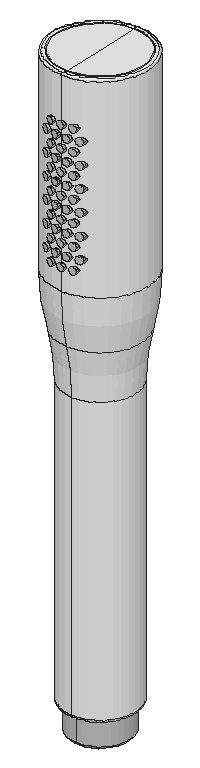
Revit family "Hand_Shower-GROHE-Euphoria_Cosmopolitan-26466_Series", category Plumbing Fixtures, Revit 2019
Family settings
  Round Connector Dimension = Use Diameter
  Part Type = Normal
  OmniClass Number = 23.45.05.14.17
  OmniClass Title = Showers
  Work Plane-Based = Yes
  Always vertical = No
  Cut with Voids When Loaded = No
  Shared = Yes
  Room Calculation Point = No
Parameters (values of type "26466000")
  Waste Connection = no
  WFU = 4
  Vent Connection = no
  URL = "https://www.grohe.us/"
  Tempered Water Connection = yes
  Tempered Connection Radius = Tempered Connection Diameter / 2  # 1/4"
  Tempered Connection Diameter = 1/2"
  Revised Date = "08/04/2022"  # constant formula
  Product Page URL = "https://www.grohe.us/Hand-Showers-Accessories/Stick-Hand-Shower-1-Spray-175-gpm/GROHE-CHROME-26466000"
  Product Documentation Link = "https://americanstandard.box.com/shared/static/0w62cbgg485gegojim3o8dvrqbgkf2lk.pdf"
  Price = "Prices may vary. Please consult Manufacturer Representative for most up-to-date price list."  # constant formula
  Orifice Material = Rubber-Grohe-Grey
  Model = "26466000"
  Material = "Metal-Grohe-000-Chrome"
  Manufacturer = "Grohe"
  IAPMO Compliance = "WaterSense /CEC Certified /CALGreen Compliant/ Massachusetts Plumbing Board Approved/ Energy Policy Act of 1992 /CSA B125.1 /ASME A112.18.1"
  Height = 8 1/2"  # constant formula
  HWFU = 3
  HW Connection = no
  Flow Rate = "1.75 gpm (6.6 l/min)"
  Finish = Metal-Grohe-000-Chrome
  Diameter = 1/2"  # constant formula
  Description = "Euphoria Cosmopolitan Stick"  # constant formula
  Default Elevation = 0"
  Creation Date = "03/01/2017"  # constant formula
  CalGreen Compliant = yes
  CWFU = 3
  CW Connection = no
  CEC Compliant = yes
  Assembly Code = "D2010710"
Reference planes (in)
  plane 1 "Center (Front/Back)": y = 0
  plane 2: z = 0
  plane 3 "Center (Left/Right)": x = 0
  plane 4: x = -0.64929
  plane 5: x = 0.64929
  plane 6: x = -0.48306
  plane 7: x = 0.48306
  plane 8: z = 8.5
Forms (in)
  Revolve 1, solid, material "Metal-Grohe-000-Chrome" <- "Finish"
    sketch origin (0, 0, 0) x (0, 1, 0) y (0, 0, 1)
      loop
        line (0, 8.5) -> (0, 0) -> (0.36417, 0) -> (0.4126, 0.04843) -> (0.4126, 0.3937) -> (0.46587, 0.3937)
        arc (0.46587, 0.3937) -> (0.48332, 0.40093) -> (0.49055, 0.41838) r 0.02468
        line (0.49055, 0.41838) -> (0.49055, 4.38363)
        arc (0.49055, 4.38363) -> (0.51191, 4.71887) -> (0.57567, 5.04868) r 2.6407
        arc (0.57567, 5.04868) -> (0.64579, 5.41147) -> (0.66929, 5.78022) r 2.90471
        line (0.66929, 5.78022) -> (0.66929, 8.47688)
        arc (0.66929, 8.47688) -> (0.66252, 8.49323) -> (0.64617, 8.5) r 0.02312
        line (0.64617, 8.5) -> (0, 8.5)
      axis (0, 8.5) -> (0, 0)
    angle from 0 to 360
  Extrusion 2, void
    sketch origin (0, 0, 0) x (1, 0, 0) y (0, 1, 0)
      loop
        circle (0, 0) r 0.60543
      loop
        circle (0, 0) r 0.58731
    from 8.3957 to 8.5
  Extrusion 3, solid, material "Rubber-Grohe-Grey" <- "Orifice Material"
    sketch origin (0, 0, 0) x (1, 0, 0) y (0, 0, 1)
      loop
        circle (-0.15748, 7.87008) r 0.04921
      loop
        circle (0.15748, 7.87008) r 0.04921
      loop
        circle (0, 7.87008) r 0.04921
      loop
        circle (-0.23622, 7.72244) r 0.04921
      loop
        circle (-0.07874, 7.72244) r 0.04921
      loop
        circle (0.07874, 7.72244) r 0.04921
      loop
        circle (0.23622, 7.72244) r 0.04921
      loop
        circle (-0.15748, 7.5748) r 0.04921
      loop
        circle (0.15748, 7.5748) r 0.04921
      loop
        circle (0, 7.5748) r 0.04921
      loop
        circle (-0.23622, 7.42717) r 0.04921
      loop
        circle (-0.07874, 7.42717) r 0.04921
      loop
        circle (0.07874, 7.42717) r 0.04921
      loop
        circle (0.23622, 7.42717) r 0.04921
      loop
        circle (-0.15748, 7.27953) r 0.04921
      loop
        circle (0.15748, 7.27953) r 0.04921
      loop
        circle (0, 7.27953) r 0.04921
      loop
        circle (-0.23622, 7.13189) r 0.04921
      loop
        circle (-0.07874, 7.13189) r 0.04921
      loop
        circle (0.07874, 7.13189) r 0.04921
      loop
        circle (0.23622, 7.13189) r 0.04921
      loop
        circle (-0.15748, 6.98425) r 0.04921
      loop
        circle (0.15748, 6.98425) r 0.04921
      loop
        circle (0, 6.98425) r 0.04921
      loop
        circle (-0.23622, 6.83661) r 0.04921
      loop
        circle (-0.07874, 6.83661) r 0.04921
      loop
        circle (0.07874, 6.83661) r 0.04921
      loop
        circle (0.23622, 6.83661) r 0.04921
      loop
        circle (-0.15748, 6.68898) r 0.04921
      loop
        circle (0.15748, 6.68898) r 0.04921
      loop
        circle (0, 6.68898) r 0.04921
      loop
        circle (-0.23622, 6.54134) r 0.04921
      loop
        circle (-0.07874, 6.54134) r 0.04921
      loop
        circle (0.07874, 6.54134) r 0.04921
      loop
        circle (0.23622, 6.54134) r 0.04921
      loop
        circle (-0.15748, 6.3937) r 0.04921
      loop
        circle (0.15748, 6.3937) r 0.04921
      loop
        circle (0, 6.3937) r 0.04921
      loop
        circle (-0.23622, 6.24606) r 0.04921
      loop
        circle (-0.07874, 6.24606) r 0.04921
      loop
        circle (0.07874, 6.24606) r 0.04921
      loop
        circle (0.23622, 6.24606) r 0.04921
      loop
        circle (-0.15748, 6.09843) r 0.04921
      loop
        circle (0.15748, 6.09843) r 0.04921
      loop
        circle (0, 6.09843) r 0.04921
    from 0 to 1.17119
  Extrusion 4, void
    sketch origin (0, 0, 0) x (1, 0, 0) y (0, 1, 0)
      loop
        line (-0.48306, -0.50135) -> (-0.48306, -1.25135) -> (0.48306, -1.25135) -> (0.48306, -0.50135)
        arc (0.48306, -0.50135) -> (0, -0.6962) -> (-0.48306, -0.50135) r 0.6962
    from 5.88396 to 8.46457
Cuts and joins
  Extrusion 4 cuts Extrusion 3
  Extrusion 2 cuts Revolve 1
Dimensions and locks (in)
  "Height": plane 8 to level
  aligned and locked: plane 8 to Extrusion 2
  aligned and locked: plane 8 to Revolve 1 sketch curve
Automatic sketch dimensions
  Revolve 1 sketch curve to plane 1 "Center (Front/Back)" = 0"  (x2)
  Revolve 1 sketch curve to level = 0"
  plane 1 "Center (Front/Back)" to Revolve 1 sketch curve = 2.23541"
  Revolve 1 sketch curve to Revolve 1 sketch curve = 0.36417"
  level to Revolve 1 sketch curve = 0.04843"
  Revolve 1 sketch curve to Revolve 1 sketch curve = 0.04843"
  Revolve 1 sketch curve to Revolve 1 sketch curve = 0.05327"
  Revolve 1 sketch curve to plane 1 "Center (Front/Back)" = 0.49055"
  Revolve 1 sketch curve to plane 1 "Center (Front/Back)" = 0.64617"
  Revolve 1 sketch curve to Revolve 1 sketch curve = 2.6407"
  Revolve 1 sketch curve to Revolve 1 sketch curve = 0.34528"
  Revolve 1 sketch curve to Revolve 1 sketch curve = 3.96525"
  Revolve 1 sketch curve to plane 8 = 2.71978"
  plane 8 to Revolve 1 sketch curve = 4.71457"
  Revolve 1 sketch curve to Revolve 1 sketch curve = 1"
  Extrusion 2 sketch curve to Extrusion 2 sketch curve = 0"  (x2)
  plane 1 "Center (Front/Back)" to Extrusion 2 sketch curve = 0"
  Extrusion 2 sketch curve to plane 3 "Center (Left/Right)" = 0"
  Extrusion 3 sketch curve to plane 3 "Center (Left/Right)" = 0"  (x7)
  Extrusion 3 sketch curve to plane 3 "Center (Left/Right)" = 0.07874"  (x6)
  Extrusion 3 sketch curve to plane 3 "Center (Left/Right)" = 0.15748"
  Extrusion 3 sketch curve to Extrusion 3 sketch curve = 0.15748"  (x18)
  plane 3 "Center (Left/Right)" to Extrusion 3 sketch curve = 0.07874"  (x6)
  plane 3 "Center (Left/Right)" to Extrusion 3 sketch curve = 0.15748"  (x7)
  Extrusion 3 sketch curve to plane 8 = 2.40157"
  Extrusion 3 sketch curve to Extrusion 3 sketch curve = 0"  (x26)
  Extrusion 3 sketch curve to Extrusion 3 sketch curve = 0.14764"  (x18)
  Extrusion 4 sketch curve to plane 6 = 0"
  plane 1 "Center (Front/Back)" to Extrusion 4 sketch curve = 0"
  Extrusion 4 sketch curve to plane 3 "Center (Left/Right)" = 0"
  Extrusion 4 sketch curve to plane 7 = 0"  (x2)
  plane 1 "Center (Front/Back)" to Extrusion 4 sketch curve = 0.50135"
  Extrusion 4 sketch curve to Extrusion 4 sketch curve = 3/4"
  Revolve 1 sketch curve to Revolve 1 sketch curve = 0.02312"
  radius of Extrusion 2 sketch curve = 0.60543"
  radius of Extrusion 2 sketch curve = 0.58731"
  radius of Extrusion 3 sketch curve = 0.04921"  (x45)
Connectors (in)
  piping at (0, 0, 0), diameter 0.5, driven by "Tempered Connection Diameter"
    settings: on cut or joined group of Extrusion 3, Extrusion 4, index 1, connector inside diameter 24", connector length 0", flow factor 0, pipe flow 0 GPM, pressure drop 0.00 psi, fitting loss kfactor 0, connector angle 0.00°, fixture units 0, engagement length 0", angle of deflection 0.00°, flow configuration 0, flow direction 1, fitting loss method 0, system type 29, joint type 0, gender type 0, connector reference index -1, connector utility 0, adjustable connector no, is connector primary yes, connector description "1/2\" NPT Supply Inlet"
